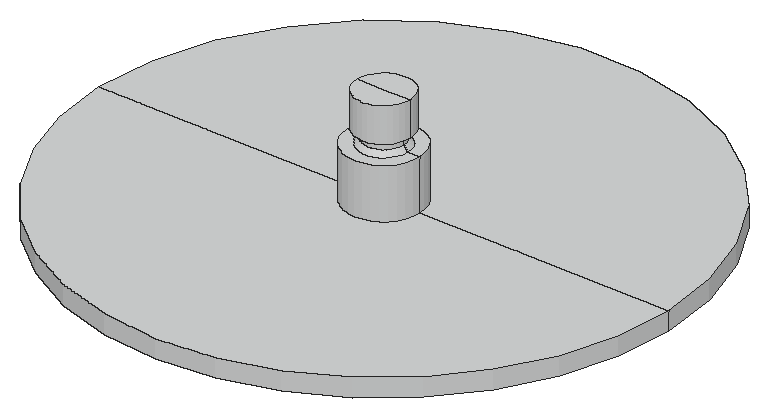
Revit family "Shower_Ceiling_Nero_II_250mm", category Plumbing Fixtures, Revit 2022
Family settings
  Round Connector Dimension = Use Diameter
  Part Type = Normal
  OmniClass Number = 23.31.17.00
  OmniClass Title = Showers
  Work Plane-Based = No
  Always vertical = Yes
  Cut with Voids When Loaded = Yes
  Maintain Annotation Orientation = No
  Shared = No
  Room Calculation Point = No
Parameters (values of type "Chrome (NR5070046CH)")
  Waste Connection = no
  WFU = 0
  Vent Connection = no
  Uniclass2015Version = ""
  Uniclass2015Title = "Taps and water supply outlet fittings"  # constant formula
  Uniclass2015Code = "Pr_40_20_87"  # constant formula
  URL = "https://nerotapware.com.au/"
  Type Comments = "Shower - Ceiling - 250mm - Chrome"
  ModifiedIssue = 20251105
  Model = "NR5070046CH"
  Material = Metal_Chrome_Nero
  ManufacturerURLProductSpecific = ""
  ManufacturerSpecCode = Model  # "NR5070046CH"
  ManufacturerOverallWidth = 250 mm  # constant formula
  ManufacturerOverallHeight = 51 mm  # constant formula
  ManufacturerOverallDepth = 250 mm  # constant formula
  Manufacturer = "Nero"
  IfcExportType = ""
  IfcExportAs = ""
  HWFU = 0
  HW Connection = yes
  Description = "250mm Round Metal Shower Head II Chrome"
  Default Elevation = 1050 mm
  CreatedByURL = "https://igsgroup.com.au"
  CreatedBy = "IGS BIM Solutions"  # constant formula
  CWFU = 0
  CW Connection = yes
  Assembly Code = "D2010"
Types (5, lengths in mm): name | Type Comments | Model | Material | ManufacturerSpecCode | Description
  Chrome (NR5070046CH) | "Shower - Ceiling - 250mm - Chrome" | "NR5070046CH" | Metal_Chrome_Nero | "NR5070046CH" | "250mm Round Metal Shower Head II Chrome"
  Matte Black (NR5070046MB) | "Shower - Ceiling - 250mm - Matte Black" | "NR5070046MB" | Metal_MatteBlack_Nero | "NR5070046MB" | "250mm Round Metal Shower Head II Matte Black"
  Brushed Nickel (NR5070046BN) | "Shower - Ceiling - 250mm - Brushed Nickel" | "NR5070046BN" | Metal_Nickel_Nero_Brushed | "NR5070046BN" | "250mm Round Metal Shower Head II Brushed Nickel"
  Brushed Gold (NR5070046BG) | "Shower - Ceiling - 250mm - Brushed Gold" | "NR5070046BG" | Metal_Gold_Nero_Brushed | "NR5070046BG" | "250mm Round Metal Shower Head II Brushed Gold"
  Gunmetal (NR5070046GM) | "Shower - Ceiling - 250mm - Brushed Gold" | "NR5070046GM" | Metal_GunMetal_Nero | "NR5070046GM" | "250mm Round Metal Shower Head II Gun Metal"
Reference planes
  plane 1 "Bottom": z = -51
  plane 2 "Center (Left/Right)": x = 0.115
  plane 3 "Ref. Level": z = 0
  plane 4 "Top": z = 0
  plane 5 "Back": y = 125.962
  plane 6 "Front": y = -124.038
  plane 7 "Right": x = 125.115
  plane 8 "Left": x = -124.885
  plane 9 "Center (Front/Back)": y = 0.962
Forms (mm)
  Revolve 1, solid, material "Metal_Chrome_Nero" <- "Material"
    sketch origin (-636.066, 0.962, 1080) x (-1, 0, 0) y (0, 0, -1)
      loop
        line (-636.181, 1131) -> (-761.181, 1131) -> (-761.181, 1123) -> (-652.066, 1123) -> (-652.066, 1101) -> (-646.646, 1101) -> (-644.816, 1098.74) -> (-644.816, 1095) -> (-647.816, 1095) -> (-647.816, 1080) -> (-636.181, 1080) -> (-636.181, 1131)
      axis (-636.181, 1131) -> (-636.181, 1080)
    angle from 0 to 360
Lines and regions (mm)
  Masking region 1
    outline origin (0, 0, 0) x (0, 1, 0) y (-1, 0, 0)
      loop
        circle (0.962, -0.115) r 125
  symbolic lines, style "Baths/Showers", detail levels medium+fine
    curve 1: circle (0.115, 0.962, 0) r 15.885 normal (0, 0, 1)
    curve 2: circle (0.115, 0.962, 0) r 11.635 normal (0, 0, 1)
Text (mm)
  text "Disclaimer:\nDue to ongoing product development and manufacturing evolution, product details are subject to change without notice. Please refer to product technical data sheets on the manufacturers website for the most current product information. Please allow a +/- 5mm manufacturing tolerance for dimensions and set-outs shown in product literature." at (192.79, 237.218, 0), in view "Ref. Level"
Dimensions and locks
  equal spacing: plane 8 "Left", plane 2 "Center (Left/Right)", plane 7 "Right"
  "ManufacturerOverallWidth": plane 8 "Left" to plane 7 "Right"
  equal spacing: plane 6 "Front", plane 9 "Center (Front/Back)", plane 5 "Back"
  "ManufacturerOverallDepth": plane 6 "Front" to plane 5 "Back"
  "ManufacturerOverallHeight": plane 4 "Top" to plane 1 "Bottom"
Automatic sketch dimensions
  Revolve 1 sketch curve to plane 1 "Bottom" = 0 mm
  Revolve 1 sketch curve to plane 7 "Right" = 0 mm
  Revolve 1 sketch curve to level = 0 mm  (x2)
  Revolve 1 sketch curve to plane 2 "Center (Left/Right)" = 0 mm  (x2)
  plane 2 "Center (Left/Right)" to Revolve 1 sketch curve = 15.885 mm
  Revolve 1 sketch curve to Revolve 1 sketch curve = 11.635 mm
  Revolve 1 sketch curve to Revolve 1 sketch curve = 5.42 mm
  Revolve 1 sketch curve to Revolve 1 sketch curve = 1.83 mm
  Revolve 1 sketch curve to level = 15 mm
  Revolve 1 sketch curve to Revolve 1 sketch curve = 3.74 mm
  Revolve 1 sketch curve to Revolve 1 sketch curve = 2.26 mm
  plane 1 "Bottom" to Revolve 1 sketch curve = 8 mm
  Revolve 1 sketch curve to Revolve 1 sketch curve = 25 mm
  Masking region 1 sketch curve to plane 2 "Center (Left/Right)" = 0 mm
  plane 9 "Center (Front/Back)" to Masking region 1 sketch curve = 0 mm
  radius of Masking region 1 sketch curve = 125 mm
